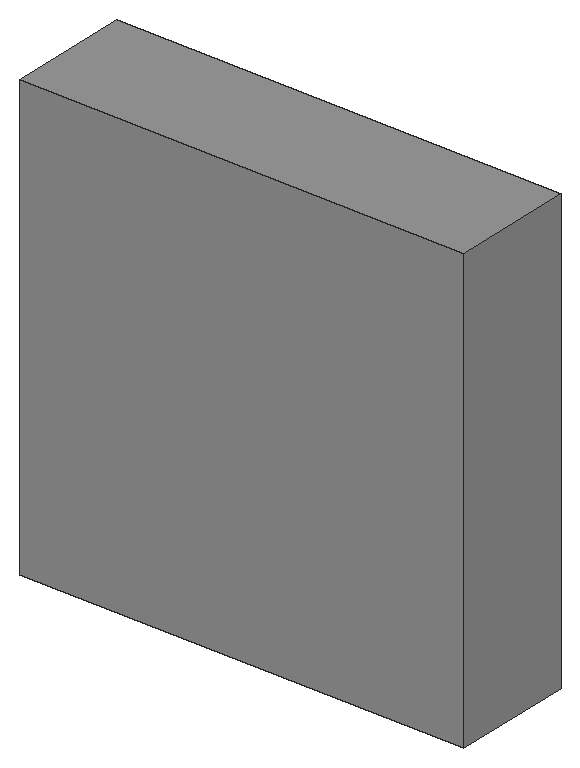
Revit family "KG_Fernsprecher_allgemein_V1700", category Kommunikationsgeräte, Revit 2017
Family settings
  Beschriftungsausrichtung beibehalten = Nein
  Bemaßung runder Anschluss = Durchmesser verwenden
  Teiletyp = Normal
  OmniClass-Nummer = 23.85.10.00
  OmniClass-Titel = General Information Systems
  Arbeitsebenenbasiert = Nein
  Immer vertikal = Ja
  Beim Laden mit Abzugskörper schneiden = Ja
  Gemeinsam genutzt = Nein
  Raumberechnungspunkt = Nein
Parameters (values of type "Fernsprecher_allg")
  pbr_Material_KZ = ""
  pbr_Material = none
  pbr_E_Typ = ""
  pbr_E_KZ = ""
  pbr_DINBild = 0
  pbr_Bild = 0
  pbr_3Dx_Delta_Korrekturversatz [instance] = 0 mm
  pbr_3DX_Versatzfaktor [instance] = 0
  pbr_2DY_Versatzfaktor [instance] = 0
  pbr_2DX_Versatzfaktor [instance] = 0
  lfd_STRK [instance] = 0
  cpiFitMatchKey [instance] = "E-ZK VS I"
  Zentrale [instance] = ""
  Typ [instance] = ""
  Tiefe = 37 mm
  Text3 [instance] = ""
  Text2 [instance] = ""
  Text1 [instance] = ""
  Planungsbüro Rohling = "www.pbr.de"
  Netzart = ""
  Menge(Dosenzahl) [instance] = 0
  Länge = 135 mm
  Linie/Anschluss [instance] = ""
  Linie [instance] = ""
  Lastklassifizierung = none
  Installationsart [instance] = ""
  Info [instance] = ""
  Gewerk [instance] = "TK"
  Fernsprecher allgemein = yes
  Eckversatz [instance] = 0 mm
  YFrontversatz [instance] = if(pbr_2DY_Versatzfaktor = 300, 0 mm, pbr_2DY_Versatzfaktor * 300 mm)  # 0 mm
  XSeitenversatz [instance] = if(pbr_2DX_Versatzfaktor = 0, 3000 mm, 3000 mm + (pbr_2DX_Versatzfaktor * 300 mm)) + Eckversatz  # 3000 mm
  X3Dversatz [instance] = if([3DX_Versatzkontrolle] = 0, 2000 mm, 2000 mm + ([3DX_Versatzkontrolle] * (300 mm - Breite))) + pbr_3Dx_Delta_Korrekturversatz  # 2000 mm
  Niveau [instance] = 1200 mm
  Bus [instance] = ""
  Breite = 135 mm
  Betriebsstrom ruhe [instance] = 0
  Betriebsstrom max [instance] = 0
  3DX_Versatzkontrolle [instance] = if(pbr_3DX_Versatzfaktor = 0, (pbr_2DX_Versatzfaktor * -1), (((-1 * pbr_3DX_Versatzfaktor) + pbr_2DX_Versatzfaktor) * -1))  # 0
Reference planes
  plane 1 "Mitte (Vorne/Hinten)": y = 0
  plane 2: z = 0
  plane 3 "Mitte (Links/Rechts)": x = 22.5
  plane 4: x = -127.5
  plane 5: x = 172.5
  plane 6: y = 300
  plane 7 "Schalterhinten": y = 0
  plane 8: x = -2977.5
  plane 9: x = 22.5
  plane 10: x = -1977.5
  plane 11: x = -45
  plane 12: x = 90
  plane 13: z = 1267.5
  plane 14: z = 1132.5
  plane 15 "SchalterVorne": y = 37
  plane 16 "3DMitte": x = 22.5
  plane 17 "Achse": z = 1200
  plane 18: z = 1225
  plane 19: z = 1175
  plane 20 "2DMitte": y = 150
Forms (mm)
  Extrusion 1, solid, material "Stahl, weich, geschweißt"
    sketch origin (0, 20, 0) x (0, 0, 1) y (-1, 0, 0)
      loop
        line (1132.5, 45) -> (1132.5, -90) -> (1267.5, -90) -> (1267.5, 45) -> (1132.5, 45)
    from -17 to 20
Dimensions and locks
  locked: plane 6 to plane 7 "Schalterhinten" at 300
  "XSeitenversatz": plane 8 to plane 9
  plane 8 to plane 3 "Mitte (Links/Rechts)" = 3000 mm
  "YFrontversatz": plane 1 "Mitte (Vorne/Hinten)" to plane 7 "Schalterhinten"
  "Breite": plane 12 to plane 11
  "Länge": plane 13 to plane 14
  plane 9 to plane 10 = 2000 mm
  equal spacing: plane 12, plane 16 "3DMitte", plane 11
  "X3Dversatz": plane 16 "3DMitte" to plane 10
  equal spacing: plane 13, plane 17 "Achse", plane 14
  "Niveau": plane 17 "Achse" to level
  "Tiefe": plane 15 "SchalterVorne" to plane 1 "Mitte (Vorne/Hinten)"
  plane 13 to plane 18 = 42.5 mm
  plane 19 to plane 14 = 42.5 mm
  equal spacing: plane 4, plane 9, plane 5, locked at 150 each
  locked: plane 4 to plane 5 at 300
  equal spacing: plane 6, plane 20 "2DMitte", plane 7 "Schalterhinten", locked at 150 each
  aligned and locked: level to plane 2
  aligned and locked: Extrusion 1 sketch curve to plane 14
  aligned and locked: Extrusion 1 sketch curve to plane 11
  aligned and locked: Extrusion 1 sketch curve to plane 13
  aligned and locked: plane 12 to Extrusion 1 sketch curve
  aligned and locked: plane 1 "Mitte (Vorne/Hinten)" to Extrusion 1
  aligned and locked: Extrusion 1 to plane 15 "SchalterVorne"
  aligned and locked: nested 1 to plane 9
  aligned and locked: nested 1 to plane 7 "Schalterhinten"
Nested families
  nested 1: "Fernsprecher allgemein" at (22.5, 0, 0), visible <- "Fernsprecher allgemein", type "Fernsprecher allgemein"
Connectors
  electrical at (22.5, 0, 1200)
    settings: on Extrusion 1, index 1, voltage 0 V, apparent load 0 VA, apparent load phase1 0 VA, apparent load phase2 0 VA, apparent load phase3 0 VA, power factor 1, load classification "Sonstige", number of poles 1, system type 14, power factor state 1, is connector primary yes, connector utility no, sub classification motor no, connector description ""
Definition of nested family "Fernsprecher allgemein"
  Reference planes
    plane 1 "Mitte (Vorne/Hinten)": y = 0
    plane 2: z = 0
    plane 3 "Mitte (Links/Rechts)": x = 0
  Lines and regions (mm)
    detail lines, in view "Referenzebene"
      curve 1: arc (-286.705, 200, 0) -> (-281.201, 246.097, 0) -> (-264.998, 289.603, 0) r 195.784
      curve 2: arc (-264.998, 289.603, 0) -> (-244.584, 333.04, 0) -> (-214.837, 370.706, 0) r 209.933
      curve 3: arc (-214.837, 370.706, 0) -> (-169.38, 394.715, 0) -> (-120.248, 409.841, 0) r 274.92
      curve 4: arc (-120.248, 409.841, 0) -> (-62.245, 424.116, 0) -> (-2.705, 428.915, 0) r 371.711
      curve 5: arc (-2.705, 428.915, 0) -> (56.835, 424.116, 0) -> (114.837, 409.841, 0) r 371.711
      curve 6: arc (114.837, 409.841, 0) -> (164.435, 388.242, 0) -> (209.427, 358.206, 0) r 304.427
      curve 7: arc (209.427, 358.206, 0) -> (238.936, 327.143, 0) -> (259.588, 289.603, 0) r 167.297
      curve 8: arc (259.588, 289.603, 0) -> (275.791, 246.097, 0) -> (281.295, 200, 0) r 195.784
      curve 9: line (-202.705, 300, 0) -> (197.295, 300, 0)
      curve 10: line (197.295, 300, 0) -> (197.295, 0, 0)
      curve 11: line (197.295, 0, 0) -> (-202.705, 0, 0)
      curve 12: line (-202.705, 0, 0) -> (-202.705, 300, 0)
      curve 13: line (-286.705, 200, 0) -> (-203.229, 200, 0)
      curve 14: line (198.712, 200, 0) -> (281.295, 200, 0)
